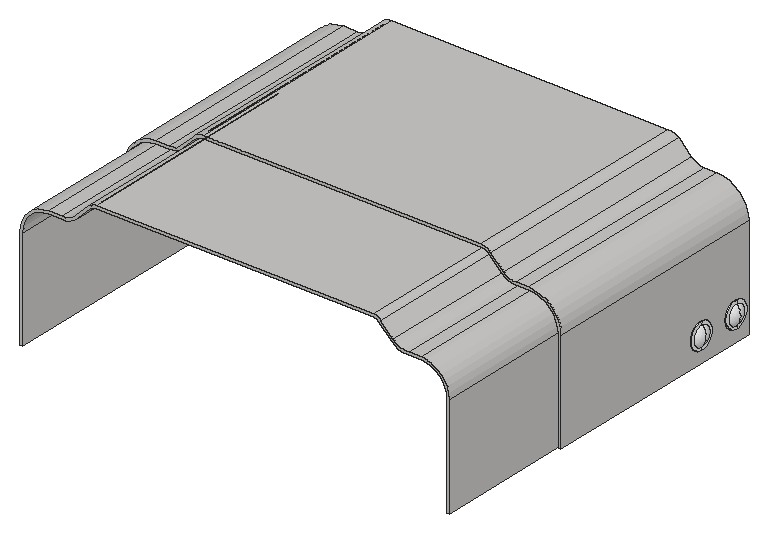
Revit family "PRD_FrankeWS_ShwrEnclsrs_HousingExtension_ACXX2011-2020", category Specialty Equipment, host Face, Revit 2018
Family settings
  Host = Face
  Round Connector Dimension = Use Diameter
  Part Type = Normal
  OmniClass Number = 23.45.05.14.17.11
  OmniClass Title = Shower Compartments
  Cut with Voids When Loaded = No
  Shared = No
  Room Calculation Point = No
Parameters (values of type "ACXX2011 (110-170 mm)")
  WarrantyStartDate [instance] = "1900-12-31T23:59:59"
  WarrantyGuarantorParts = "n/a"
  WarrantyGuarantorLabor = "n/a"
  WarrantyDurationUnit = "year"
  WarrantyDurationParts = "n/a"
  WarrantyDurationLabor = "n/a"
  WarrantyDescription = "n/a"
  Version = "1"
  TypeOfMounting = "Wall mounting"
  TypeOfExtension = "F5-VA"
  TailorMade = "No"
  Style = "n/a"
  PartHeight = 108.00 mm
  Uniclass2015Version = "Products v1.17"
  Uniclass2015Title = "Shower enclosures"
  Uniclass2015Code = "Pr_40_20_06_79"
  URL = "www.kwc.com"
  TagNumber [instance] = "n/a"
  SustainabilityPerformance = "n/a"
  Size = "200 x 110-170 x 70 (W x H x D)"
  Shape = "n/a"
  SerialNumber [instance] = "n/a"
  Revision = "n/a"
  ReplacementCost = "n/a"
  ProductInformation = "https://pim.kwc.com/product/2030057066/attachment/datasheet?locale=en"
  OverallHeightMin = 110.00 mm
  OverallHeightMax = 170.00 mm
  OverallHeightDimension [instance] = if(or(OverallHeight < OverallHeightMin, OverallHeight > OverallHeightMax), 0.00 mm, OverallHeight)  # 170.00 mm
  OverallHeightCheck [instance] = if(or(OverallHeight < OverallHeightMin, OverallHeight > OverallHeightMax), "Caution! Overall height value is wrong for chosen product.", "ok")  # "ok"
  OverallHeight [instance] = 170.00 mm
  NominalWidth = 200.00 mm
  NominalHeight = 170.00 mm
  NominalDepth = 70.00 mm
  NetWeight = 0.63 kg
  Name = "Housing Extension ACXX2011"
  NBSTypeID = "n/a"
  NBSReference = "45-35-70/332"
  NBSOfficeMasterTag = "n/a"
  NBSNote = "n/a"
  NBSDescription = "Shower enclosures"
  NBSCertification = "n/a"
  ModelReference = "ACXX2011"
  ModelNumber = "2030057066"
  Model = ModelReference  # "ACXX2011"
  Material = "stainless steel"
  ManufacturerURL = "www.kwc.com"
  ManufacturerName = "KWC Group AG"  # constant formula
  Manufacturer = ManufacturerName  # "KWC Group AG"
  MainColor = "stainless steel"
  IsBuiltIn = "TRUE"
  IntegralAccessories = "incl. mounting materials"
  InstallationDate [instance] = "1900-12-31T23:59:59"
  IfcExportType = "USERDEFINED"
  IfcExportAs = "IfcFurnitureType"
  GrossWeight = 0.70 kg
  Grade = "n/a"
  FittingMaterial = PRD_AR_ChromatedBrass_HighPolished
  Finish = "satin finished"
  Features = "stainless steel, height-adjustable"
  ExpectedLife = "n/a"
  DurationUnit = "year"
  Description = "Housing extension made of stainless steel, height-adjustable, for F5 shower panels made of stainless steel, to cover wall-mounted pipe installations, includes mounting materials."
  Default Elevation = 1500.00 mm
  CreatedOn = "09/2020"  # constant formula
  Constituents = "n/a"
  Color = "n/a"
  CodePerformance = "n/a"
  Category = "Pr_40_20_06_79, Shower enclosures"
  CasingMaterial = PRD_AR_StainlessSteel_SatinFinished
  BarCode [instance] = "n/a"
  BIMObjectName = "PRD_AR_ShowerEnclosures_HousingExtension_ACXX2011"
  Author = "Archispace"  # constant formula
  AssetType = "Fixed"
  AssetIdentifier [instance] = "n/a"
  AccessibilityPerformance = "n/a"
Types (10, lengths in mm): name | TypeOfExtension | PartHeight | Size | ProductInformation | OverallHeightMin | OverallHeightMax | OverallHeightDimension | OverallHeight | NominalHeight | NetWeight | Name | ModelReference | ModelNumber | Model | MainColor | GrossWeight | Finish | Features | Description | Color | CasingMaterial | BIMObjectName
  ACXX2011 (110-170 mm) | "F5-VA" | 108.00 | "200 x 110-170 x 70 (W x H x D)" | "https://pim.kwc.com/product/2030057066/attachment/datasheet?locale=en" | 110.00 | 170.00 | 170.00 | 170.00 | 170.00 | 0.63 kg | "Housing Extension ACXX2011" | "ACXX2011" | "2030057066" | "ACXX2011" | "stainless steel" | 0.70 kg | "satin finished" | "stainless steel, height-adjustable" | "Housing extension made of stainless steel, height-adjustable, for F5 shower panels made of stainless steel, to cover wall-mounted pipe installations, includes mounting materials." | "n/a" | PRD_AR_StainlessSteel_SatinFinished | "PRD_AR_ShowerEnclosures_HousingExtension_ACXX2011"
  ACXX2012 (160-250 mm) | "F5-VA" | 158.00 | "200 x 160-250 x 70 (W x H x D)" | "https://pim.kwc.com/product/2030057067/attachment/datasheet?locale=en" | 160.00 | 250.00 | 250.00 | 250.00 | 250.00 | 0.63 kg | "Housing Extension ACXX2012" | "ACXX2012" | "2030057067" | "ACXX2012" | "stainless steel" | 0.70 kg | "satin finished" | "stainless steel, height-adjustable" | "Housing extension made of stainless steel, height-adjustable, for F5 shower panels made of stainless steel, to cover wall-mounted pipe installations, includes mounting materials." | "n/a" | PRD_AR_StainlessSteel_SatinFinished | "PRD_AR_ShowerEnclosures_HousingExtension_ACXX2012"
  ACXX2013 (240-410 mm) | "F5-VA" | 238.00 | "200 x 240-410 x 70 (W x H x D)" | "https://pim.kwc.com/product/2030057068/attachment/datasheet?locale=en" | 240.00 | 410.00 | 410.00 | 410.00 | 410.00 | 0.63 kg | "Housing Extension ACXX2013" | "ACXX2013" | "2030057068" | "ACXX2013" | "stainless steel" | 0.70 kg | "satin finished" | "stainless steel, height-adjustable" | "Housing extension made of stainless steel, height-adjustable, for F5 shower panels made of stainless steel, to cover wall-mounted pipe installations, includes mounting materials." | "n/a" | PRD_AR_StainlessSteel_SatinFinished | "PRD_AR_ShowerEnclosures_HousingExtension_ACXX2013"
  ACXX2014 (400-660 mm) | "F5-VA" | 398.00 | "200 x 400-660 x 70 (W x H x D)" | "https://pim.kwc.com/product/2030057069/attachment/datasheet?locale=en" | 400.00 | 660.00 | 660.00 | 660.00 | 660.00 | 0.60 kg | "Housing Extension ACXX2014" | "ACXX2014" | "2030057069" | "ACXX2014" | "stainless steel" | 0.78 kg | "satin finished" | "stainless steel, height-adjustable" | "Housing extension made of stainless steel, height-adjustable, for F5 shower panels made of stainless steel, to cover wall-mounted pipe installations, includes mounting materials." | "n/a" | PRD_AR_StainlessSteel_SatinFinished | "PRD_AR_ShowerEnclosures_HousingExtension_ACXX2014"
  ACXX2015 (650-960 mm) | "F5-VA" | 648.00 | "200 x 650-960 x 70 (W x H x D)" | "https://pim.kwc.com/product/2030057070/attachment/datasheet?locale=en" | 650.00 | 960.00 | 960.00 | 960.00 | 960.00 | 1.45 kg | "Housing Extension ACXX2015" | "ACXX2015" | "2030057070" | "ACXX2015" | "stainless steel" | 1.70 kg | "satin finished" | "stainless steel, height-adjustable" | "Housing extension made of stainless steel, height-adjustable, for F5 shower panels made of stainless steel, to cover wall-mounted pipe installations, includes mounting materials." | "n/a" | PRD_AR_StainlessSteel_SatinFinished | "PRD_AR_ShowerEnclosures_HousingExtension_ACXX2015"
  ACXX2016 (110-170 mm) | "F5-MI" | 108.00 | "200 x 110-170 x 70 (W x H x D)" | "https://pim.kwc.com/product/2030057071/attachment/datasheet?locale=en" | 110.00 | 170.00 | 170.00 | 170.00 | 170.00 | 0.63 kg | "Housing Extension ACXX2016" | "ACXX2016" | "2030057071" | "ACXX2016" | "alpine white" | 0.70 kg | "powder coated" | "stainless steel, powder-coated, height-adjustable" | "Housing extension made of stainless steel, powder-coated Alpine white colour, height-adjustable, for F5 shower panels made of MIRANIT mineral material, to cover wall-mounted pipe installations, includes mounting material." | "apline white" | PRD_AR_StainlessSteel_AlpineWhite | "PRD_AR_ShowerEnclosures_HousingExtension_ACXX2016"
  ACXX2017 (160-250 mm) | "F5-MI" | 158.00 | "200 x 160-250 x 70 (W x H x D)" | "https://pim.kwc.com/product/2030057072/attachment/datasheet?locale=en" | 160.00 | 250.00 | 250.00 | 250.00 | 250.00 | 0.63 kg | "Housing Extension ACXX2017" | "ACXX2017" | "2030057072" | "ACXX2017" | "alpine white" | 0.70 kg | "powder coated" | "stainless steel, powder-coated, height-adjustable" | "Housing extension made of stainless steel, powder-coated Alpine white colour, height-adjustable, for F5 shower panels made of MIRANIT mineral material, to cover wall-mounted pipe installations, includes mounting material." | "apline white" | PRD_AR_StainlessSteel_AlpineWhite | "PRD_AR_ShowerEnclosures_HousingExtension_ACXX2017"
  ACXX2018 (240-410 mm) | "F5-MI" | 238.00 | "200 x 240-410 x 70 (W x H x D)" | "https://pim.kwc.com/product/2030057073/attachment/datasheet?locale=en" | 240.00 | 410.00 | 410.00 | 410.00 | 410.00 | 0.63 kg | "Housing Extension ACXX2018" | "ACXX2018" | "2030057073" | "ACXX2018" | "alpine white" | 0.70 kg | "powder coated" | "stainless steel, powder-coated, height-adjustable" | "Housing extension made of stainless steel, powder-coated Alpine white colour, height-adjustable, for F5 shower panels made of MIRANIT mineral material, to cover wall-mounted pipe installations, includes mounting material." | "apline white" | PRD_AR_StainlessSteel_AlpineWhite | "PRD_AR_ShowerEnclosures_HousingExtension_ACXX2018"
  ACXX2019 (400-660 mm) | "F5-MI" | 398.00 | "200 x 400-660 x 70 (W x H x D)" | "https://pim.kwc.com/product/2030057075/attachment/datasheet?locale=en" | 400.00 | 660.00 | 660.00 | 660.00 | 660.00 | 0.60 kg | "Housing Extension ACXX2019" | "ACXX2019" | "2030057075" | "ACXX2019" | "alpine white" | 0.78 kg | "powder coated" | "stainless steel, powder-coated, height-adjustable" | "Housing extension made of stainless steel, powder-coated Alpine white colour, height-adjustable, for F5 shower panels made of MIRANIT mineral material, to cover wall-mounted pipe installations, includes mounting material." | "apline white" | PRD_AR_StainlessSteel_AlpineWhite | "PRD_AR_ShowerEnclosures_HousingExtension_ACXX2019"
  ACXX2020 (650-960 mm) | "F5-MI" | 648.00 | "200 x 650-960 x 70 (W x H x D)" | "https://pim.kwc.com/product/2030057076/attachment/datasheet?locale=en" | 650.00 | 960.00 | 960.00 | 960.00 | 960.00 | 1.45 kg | "Housing Extension ACXX2020" | "ACXX2020" | "2030057076" | "ACXX2020" | "alpine white" | 1.70 kg | "powder coated" | "stainless steel, powder-coated, height-adjustable" | "Housing extension made of stainless steel, powder-coated Alpine white colour, height-adjustable, for F5 shower panels made of MIRANIT mineral material, to cover wall-mounted pipe installations, includes mounting material." | "apline white" | PRD_AR_StainlessSteel_AlpineWhite | "PRD_AR_ShowerEnclosures_HousingExtension_ACXX2020"
Reference planes
  plane 1 "Center (Front/Back)": y = 0
  plane 2: z = 0
  plane 3 "Center (Left/Right)": x = 0
  plane 4: y = -62
  plane 5: y = -108
  plane 6: y = -170
  plane 7: y = -18
Forms (mm)
  Sweep 1, solid, material "PRD_AR_StainlessSteel_SatinFinished" <- "CasingMaterial", detail levels fine
    path origin (0, 0, 0) x (1, 0, 0) y (0, 1, 0)
      loop
        line (0, -62) -> (0, -170)
    profile origin (0, -116, 0) x (1, 0, 0) y (0, 0, 1)
      loop
        line (-99, 0) -> (-97.8, 0) -> (-97.8, 47)
        arc (-97.8, 47) -> (-94.344, 55.344) -> (-86, 58.8) r 11.8
        line (-86, 58.8) -> (-80, 58.8)
        arc (-80, 58.8) -> (-75.714, 59.653) -> (-72.08, 62.08) r 11.2
        line (-72.08, 62.08) -> (-66.474, 67.687)
        arc (-66.474, 67.687) -> (-65.241, 68.511) -> (-63.787, 68.8) r 3.8
        line (-63.787, 68.8) -> (63.787, 68.8)
        arc (63.787, 68.8) -> (65.241, 68.511) -> (66.474, 67.687) r 3.8
        line (66.474, 67.687) -> (72.08, 62.08)
        arc (72.08, 62.08) -> (75.714, 59.653) -> (80, 58.8) r 11.2
        line (80, 58.8) -> (86, 58.8)
        arc (86, 58.8) -> (94.344, 55.344) -> (97.8, 47) r 11.8
        line (97.8, 47) -> (97.8, 0) -> (99, 0) -> (99, 47)
        arc (99, 47) -> (95.192, 56.192) -> (86, 60) r 13
        line (86, 60) -> (80, 60)
        arc (80, 60) -> (76.173, 60.761) -> (72.929, 62.929) r 10
        line (72.929, 62.929) -> (67.322, 68.536)
        arc (67.322, 68.536) -> (65.7, 69.619) -> (63.787, 70) r 5
        line (63.787, 70) -> (-63.787, 70)
        arc (-63.787, 70) -> (-65.7, 69.619) -> (-67.322, 68.536) r 5
        line (-67.322, 68.536) -> (-72.929, 62.929)
        arc (-72.929, 62.929) -> (-76.173, 60.761) -> (-80, 60) r 10
        line (-80, 60) -> (-86, 60)
        arc (-86, 60) -> (-95.192, 56.192) -> (-99, 47) r 13
        line (-99, 47) -> (-99, 0)
  Sweep 2, solid, material "PRD_AR_StainlessSteel_SatinFinished" <- "CasingMaterial", detail levels fine
    path origin (0, -340, 0) x (1, 0, 0) y (0, 1, 0)
      loop
        line (0, 340) -> (0, 232)
    profile origin (0, -54, 0) x (1, 0, 0) y (0, 0, 1)
      loop
        line (-100.7, 47) -> (-100.7, 0) -> (-99.5, 0) -> (-99.5, 47)
        arc (-99.5, 47) -> (-95.546, 56.546) -> (-86, 60.5) r 13.5
        line (-86, 60.5) -> (-80, 60.5)
        arc (-80, 60.5) -> (-76.365, 61.223) -> (-73.282, 63.282) r 9.5
        line (-73.282, 63.282) -> (-67.676, 68.889)
        arc (-67.676, 68.889) -> (-65.892, 70.081) -> (-63.787, 70.5) r 5.5
        line (-63.787, 70.5) -> (63.787, 70.5)
        arc (63.787, 70.5) -> (65.892, 70.081) -> (67.676, 68.889) r 5.5
        line (67.676, 68.889) -> (73.282, 63.282)
        arc (73.282, 63.282) -> (76.365, 61.223) -> (80, 60.5) r 9.5
        line (80, 60.5) -> (86, 60.5)
        arc (86, 60.5) -> (95.546, 56.546) -> (99.5, 47) r 13.5
        line (99.5, 47) -> (99.5, 0) -> (100.7, 0) -> (100.7, 47)
        arc (100.7, 47) -> (96.394, 57.394) -> (86, 61.7) r 14.7
        line (86, 61.7) -> (80, 61.7)
        arc (80, 61.7) -> (76.824, 62.332) -> (74.131, 64.131) r 8.3
        line (74.131, 64.131) -> (68.524, 69.738)
        arc (68.524, 69.738) -> (66.351, 71.19) -> (63.787, 71.7) r 6.7
        line (63.787, 71.7) -> (-63.787, 71.7)
        arc (-63.787, 71.7) -> (-66.351, 71.19) -> (-68.524, 69.738) r 6.7
        line (-68.524, 69.738) -> (-74.131, 64.131)
        arc (-74.131, 64.131) -> (-76.824, 62.332) -> (-80, 61.7) r 8.3
        line (-80, 61.7) -> (-86, 61.7)
        arc (-86, 61.7) -> (-96.394, 57.394) -> (-100.7, 47) r 14.7
  Sweep 3, solid, material "PRD_AR_StainlessSteel_SatinFinished" <- "CasingMaterial", detail levels fine
    path origin (0, -280, 0) x (1, 0, 0) y (0, 1, 0)
      loop
        line (0, 280) -> (0, 244)
    profile origin (0, -18, 0) x (1, 0, 0) y (0, 0, 1)
      loop
        line (-97, 25) -> (-98.5, 25) -> (-98.5, 3)
        arc (-98.5, 3) -> (-97.621, 0.879) -> (-95.5, 0) r 3
        line (-95.5, 0) -> (95.5, 0)
        arc (95.5, 0) -> (97.621, 0.879) -> (98.5, 3) r 3
        line (98.5, 3) -> (98.5, 25) -> (97, 25) -> (97, 3)
        arc (97, 3) -> (96.561, 1.939) -> (95.5, 1.5) r 1.5
        line (95.5, 1.5) -> (-95.5, 1.5)
        arc (-95.5, 1.5) -> (-96.561, 1.939) -> (-97, 3) r 1.5
        line (-97, 3) -> (-97, 25)
  Revolve 4, solid, material "PRD_AR_ChromatedBrass_HighPolished" <- "FittingMaterial", detail levels fine
    sketch origin (-97, -8, 1219.2) x (-1, 0, 0) y (0, 0, 1)
      loop
        line (3.7, -1209.7) -> (3.7, -1213.1) -> (4.6, -1213.1) -> (4.6, -1211.7)
        arc (4.6, -1211.7) -> (5.969, -1209.633) -> (6.45, -1207.2) r 6.398
        line (6.45, -1207.2) -> (-6.3, -1207.2) -> (-6.3, -1209.003) -> (-5.603, -1209.7) -> (-2, -1209.7) -> (-2, -1211.55) -> (0, -1211.55) -> (0, -1209.7) -> (3.7, -1209.7)
      axis (-6.3, -1207.2) -> (6.45, -1207.2)
    angle from 0 to 360
  Revolve 5, solid, material "PRD_AR_ChromatedBrass_HighPolished" <- "FittingMaterial", detail levels fine
    sketch origin (-97, -28, 1219.2) x (-1, 0, 0) y (0, 0, 1)
      loop
        line (3.7, -1209.7) -> (3.7, -1213.1) -> (4.6, -1213.1) -> (4.6, -1211.7)
        arc (4.6, -1211.7) -> (5.969, -1209.633) -> (6.45, -1207.2) r 6.398
        line (6.45, -1207.2) -> (-6.3, -1207.2) -> (-6.3, -1209.003) -> (-5.603, -1209.7) -> (-2, -1209.7) -> (-2, -1211.55) -> (0, -1211.55) -> (0, -1209.7) -> (3.7, -1209.7)
      axis (-6.3, -1207.2) -> (6.45, -1207.2)
    angle from 0 to 360
  Revolve 6, solid, material "PRD_AR_ChromatedBrass_HighPolished" <- "FittingMaterial", detail levels fine
    sketch origin (97, -8, 1219.2) x (1, 0, 0) y (0, 0, -1)
      loop
        line (3.7, 1209.7) -> (0, 1209.7) -> (0, 1211.55) -> (-2, 1211.55) -> (-2, 1209.7) -> (-5.603, 1209.7) -> (-6.3, 1209.003) -> (-6.3, 1207.2) -> (6.45, 1207.2)
        arc (6.45, 1207.2) -> (5.969, 1209.633) -> (4.6, 1211.7) r 6.398
        line (4.6, 1211.7) -> (4.6, 1213.1) -> (3.7, 1213.1) -> (3.7, 1209.7)
      axis (-6.3, 1207.2) -> (6.45, 1207.2)
    angle from 0 to 360
  Revolve 7, solid, material "PRD_AR_ChromatedBrass_HighPolished" <- "FittingMaterial", detail levels fine
    sketch origin (97, -28, 1219.2) x (1, 0, 0) y (0, 0, -1)
      loop
        line (3.7, 1209.7) -> (0, 1209.7) -> (0, 1211.55) -> (-2, 1211.55) -> (-2, 1209.7) -> (-5.603, 1209.7) -> (-6.3, 1209.003) -> (-6.3, 1207.2) -> (6.45, 1207.2)
        arc (6.45, 1207.2) -> (5.969, 1209.633) -> (4.6, 1211.7) r 6.398
        line (4.6, 1211.7) -> (4.6, 1213.1) -> (3.7, 1213.1) -> (3.7, 1209.7)
      axis (-6.3, 1207.2) -> (6.45, 1207.2)
    angle from 0 to 360
  Revolve 8, solid, material "PRD_AR_ChromatedBrass_HighPolished" <- "FittingMaterial", detail levels fine
    sketch origin (-97, -18, 1219.2) x (-1, 0, 0) y (0, 0, 1)
      loop
        line (-17, -1213.7) -> (-17, -1217.7) -> (-11.5, -1217.7) -> (-11.746, -1214.893)
        arc (-11.746, -1214.893) -> (-12.851, -1214.214) -> (-14.042, -1213.7) r 9
        line (-14.042, -1213.7) -> (-17, -1213.7)
      axis (-17, -1213.7) -> (-17, -1217.7)
    angle from 0 to 360
  Revolve 9, solid, material "PRD_AR_ChromatedBrass_HighPolished" <- "FittingMaterial", detail levels fine
    sketch origin (97, -18, 1219.2) x (1, 0, 0) y (0, 0, -1)
      loop
        line (-17, 1213.7) -> (-14.042, 1213.7)
        arc (-14.042, 1213.7) -> (-12.851, 1214.214) -> (-11.746, 1214.893) r 9
        line (-11.746, 1214.893) -> (-11.5, 1217.7) -> (-17, 1217.7) -> (-17, 1213.7)
      axis (-17, 1213.7) -> (-17, 1217.7)
    angle from 0 to 360
  Revolve 10, solid, material "PRD_AR_ChromatedBrass_HighPolished" <- "FittingMaterial", detail levels medium
    sketch origin (-97, -18, 1219.2) x (-1, 0, 0) y (0, 0, 1)
      loop
        line (-17, -1213.7) -> (-17, -1217.7) -> (-11.5, -1217.7) -> (-11.5, -1213.7) -> (-17, -1213.7)
      axis (-17, -1213.7) -> (-17, -1217.7)
    angle from 0 to 360
  Revolve 11, solid, material "PRD_AR_ChromatedBrass_HighPolished" <- "FittingMaterial", detail levels medium
    sketch origin (97, -18, 1219.2) x (1, 0, 0) y (0, 0, -1)
      loop
        line (-17, 1213.7) -> (-11.5, 1213.7) -> (-11.5, 1217.7) -> (-17, 1217.7) -> (-17, 1213.7)
      axis (-17, 1213.7) -> (-17, 1217.7)
    angle from 0 to 360
  Revolve 12, solid, material "PRD_AR_ChromatedBrass_HighPolished" <- "FittingMaterial", detail levels medium
    sketch origin (-97, -8, 1219.2) x (-1, 0, 0) y (0, 0, 1)
      loop
        line (-6.3, -1213.1) -> (6.45, -1213.1) -> (6.45, -1207.2) -> (-6.3, -1207.2) -> (-6.3, -1213.1)
      axis (-6.3, -1207.2) -> (6.45, -1207.2)
    angle from 0 to 360
  Revolve 13, solid, material "PRD_AR_ChromatedBrass_HighPolished" <- "FittingMaterial", detail levels medium
    sketch origin (-97, -28, 1219.2) x (-1, 0, 0) y (0, 0, 1)
      loop
        line (-6.3, -1213.1) -> (6.45, -1213.1) -> (6.45, -1207.2) -> (-6.3, -1207.2) -> (-6.3, -1213.1)
      axis (-6.3, -1207.2) -> (6.45, -1207.2)
    angle from 0 to 360
  Revolve 14, solid, material "PRD_AR_ChromatedBrass_HighPolished" <- "FittingMaterial", detail levels medium
    sketch origin (97, -8, 1219.2) x (1, 0, 0) y (0, 0, -1)
      loop
        line (-6.3, 1213.1) -> (-6.3, 1207.2) -> (6.45, 1207.2) -> (6.45, 1213.1) -> (-6.3, 1213.1)
      axis (-6.3, 1207.2) -> (6.45, 1207.2)
    angle from 0 to 360
  Revolve 15, solid, material "PRD_AR_ChromatedBrass_HighPolished" <- "FittingMaterial", detail levels medium
    sketch origin (97, -28, 1219.2) x (1, 0, 0) y (0, 0, -1)
      loop
        line (-6.3, 1213.1) -> (-6.3, 1207.2) -> (6.45, 1207.2) -> (6.45, 1213.1) -> (-6.3, 1213.1)
      axis (-6.3, 1207.2) -> (6.45, 1207.2)
    angle from 0 to 360
  Sweep 16, solid, material "PRD_AR_StainlessSteel_SatinFinished" <- "CasingMaterial", detail levels medium
    path origin (0, -280, 0) x (1, 0, 0) y (0, 1, 0)
      loop
        line (0, 280) -> (0, 244)
    profile origin (0, -18, 0) x (1, 0, 0) y (0, 0, 1)
      loop
        line (-97, 25) -> (-98.5, 25) -> (-98.5, 0) -> (98.5, 0) -> (98.5, 25) -> (97, 25) -> (97, 1.5) -> (-97, 1.5) -> (-97, 25)
  Sweep 17, solid, material "PRD_AR_StainlessSteel_SatinFinished" <- "CasingMaterial", detail levels medium
    path origin (0, 0, 0) x (1, 0, 0) y (0, 1, 0)
      loop
        line (0, -62) -> (0, -170)
    profile origin (0, -116, 0) x (1, 0, 0) y (0, 0, 1)
      loop
        line (-99, 0) -> (-97.8, 0) -> (-97.8, 58.8) -> (-75.361, 58.8) -> (-65.361, 68.8) -> (65.361, 68.8) -> (75.361, 58.8) -> (97.8, 58.8) -> (97.8, 0) -> (99, 0) -> (99, 60) -> (75.858, 60) -> (65.858, 70) -> (-65.858, 70) -> (-75.858, 60) -> (-99, 60) -> (-99, 0)
  Sweep 18, solid, material "PRD_AR_StainlessSteel_SatinFinished" <- "CasingMaterial", detail levels medium
    path origin (0, -340, 0) x (1, 0, 0) y (0, 1, 0)
      loop
        line (0, 340) -> (0, 232)
    profile origin (0, -54, 0) x (1, 0, 0) y (0, 0, 1)
      loop
        line (-100.7, 0) -> (-99.5, 0) -> (-99.5, 60.5) -> (-76.065, 60.5) -> (-66.065, 70.5) -> (66.065, 70.5) -> (76.065, 60.5) -> (99.5, 60.5) -> (99.5, 0) -> (100.7, 0) -> (100.7, 61.7) -> (76.562, 61.7) -> (66.562, 71.7) -> (-66.562, 71.7) -> (-76.562, 61.7) -> (-100.7, 61.7) -> (-100.7, 0)
  Sweep 19, solid, material "PRD_AR_StainlessSteel_SatinFinished" <- "CasingMaterial", detail levels coarse
    path origin (0, 0, 0) x (1, 0, 0) y (0, 1, 0)
      loop
        line (0, 0) -> (0, -170)
    profile origin (0, -85, 0) x (1, 0, 0) y (0, 0, 1)
      loop
        line (-100.7, 0) -> (100.7, 0) -> (100.7, 71.7) -> (-100.7, 71.7) -> (-100.7, 0)
Dimensions and locks
  locked: Sweep 3 sketch curve to plane 1 "Center (Front/Back)" at 36
  "PartHeight": plane 5 to plane 1 "Center (Front/Back)"
  "PartHeight": plane 4 to plane 6
  "OverallHeightDimension": plane 6 to plane 1 "Center (Front/Back)"
  aligned and locked: plane 2 to host face
  aligned and locked: level to host face
  aligned and locked: plane 5 to Sweep 2 sketch curve
  aligned and locked: plane 4 to Sweep 1 sketch curve
  aligned and locked: plane 6 to Sweep 1 sketch curve
  aligned and locked: plane 6 to Sweep 17 sketch curve
  aligned and locked: plane 4 to Sweep 17 sketch curve
  aligned and locked: plane 1 "Center (Front/Back)" to Sweep 18 sketch curve
  aligned and locked: plane 5 to Sweep 18 sketch curve
  aligned and locked: Sweep 19 sketch curve to plane 3 "Center (Left/Right)"
  aligned and locked: plane 1 "Center (Front/Back)" to Sweep 19 sketch curve
  aligned and locked: plane 6 to Sweep 19 sketch curve
Automatic sketch dimensions
  host sketch curve to host sketch curve = 685.395 mm
  host sketch curve to host sketch curve = 1310.281 mm
  Sweep 1 sketch curve to plane 3 "Center (Left/Right)" = 0.00 mm
  Sweep 1 sketch curve to Sweep 1 sketch curve = 0.00 mm  (x12)
  Sweep 1 sketch curve to level = 0.00 mm  (x2)
  level to Sweep 1 sketch curve = 47.00 mm  (x2)
  profile plane to Sweep 1 sketch curve = 99.00 mm
  Sweep 1 sketch curve to Sweep 1 sketch curve = 1.20 mm  (x2)
  Sweep 1 sketch curve to Sweep 1 sketch curve = 11.80 mm  (x2)
  Sweep 1 sketch curve to Sweep 1 sketch curve = 6.00 mm  (x2)
  level to Sweep 1 sketch curve = 62.929 mm
  Sweep 1 sketch curve to Sweep 1 sketch curve = 7.071 mm  (x2)
  level to Sweep 1 sketch curve = 62.08 mm
  Sweep 1 sketch curve to Sweep 1 sketch curve = 5.607 mm  (x2)
  Sweep 1 sketch curve to Sweep 1 sketch curve = 0.849 mm  (x4)
  Sweep 1 sketch curve to Sweep 1 sketch curve = 2.687 mm  (x3)
  Sweep 1 sketch curve to profile plane = 63.787 mm
  Sweep 1 sketch curve to Sweep 1 sketch curve = 2.08 mm
  Sweep 1 sketch curve to Sweep 1 sketch curve = 2.92 mm  (x2)
  Sweep 2 sketch curve to plane 3 "Center (Left/Right)" = 0.00 mm
  plane 1 "Center (Front/Back)" to Sweep 2 sketch curve = 0.00 mm
  Sweep 2 sketch curve to Sweep 2 sketch curve = 0.00 mm  (x12)
  Sweep 2 sketch curve to level = 0.00 mm  (x2)
  level to Sweep 2 sketch curve = 47.00 mm  (x2)
  profile plane to Sweep 2 sketch curve = 100.70 mm
  Sweep 2 sketch curve to Sweep 2 sketch curve = 1.20 mm  (x2)
  Sweep 2 sketch curve to Sweep 2 sketch curve = 13.50 mm  (x2)
  Sweep 2 sketch curve to Sweep 2 sketch curve = 6.00 mm  (x2)
  level to Sweep 2 sketch curve = 64.131 mm
  Sweep 2 sketch curve to Sweep 2 sketch curve = 5.869 mm  (x2)
  level to Sweep 2 sketch curve = 63.282 mm
  Sweep 2 sketch curve to Sweep 2 sketch curve = 5.607 mm  (x2)
  Sweep 2 sketch curve to Sweep 2 sketch curve = 0.849 mm  (x4)
  Sweep 2 sketch curve to Sweep 2 sketch curve = 3.889 mm  (x3)
  Sweep 2 sketch curve to profile plane = 63.787 mm
  Sweep 2 sketch curve to Sweep 2 sketch curve = 1.582 mm
  Sweep 2 sketch curve to Sweep 2 sketch curve = 1.718 mm  (x2)
  Sweep 3 sketch curve to plane 3 "Center (Left/Right)" = 0.00 mm
  plane 1 "Center (Front/Back)" to Sweep 3 sketch curve = 0.00 mm
  Sweep 3 sketch curve to Sweep 3 sketch curve = 0.00 mm  (x4)
  Sweep 3 sketch curve to level = 0.00 mm
  level to Sweep 3 sketch curve = 25.00 mm
  profile plane to Sweep 3 sketch curve = 98.50 mm
  Sweep 3 sketch curve to Sweep 3 sketch curve = 1.50 mm  (x3)
  Sweep 3 sketch curve to profile plane = 95.50 mm
  Sweep 3 sketch curve to Sweep 3 sketch curve = 22.00 mm
  level to Revolve 4 sketch curve = 10.197 mm
  Revolve 4 sketch curve to plane 3 "Center (Left/Right)" = 90.70 mm
  level to Revolve 4 sketch curve = 9.50 mm
  Revolve 4 sketch curve to Revolve 4 sketch curve = 0.697 mm
  Revolve 4 sketch curve to Revolve 4 sketch curve = 3.603 mm
  Revolve 4 sketch curve to Revolve 4 sketch curve = 2.00 mm  (x2)
  Revolve 4 sketch curve to Revolve 4 sketch curve = 0.052 mm
  Revolve 4 sketch curve to Revolve 4 sketch curve = 3.70 mm
  Revolve 4 sketch curve to Revolve 4 sketch curve = 0.90 mm
  Revolve 4 sketch curve to Revolve 4 sketch curve = 2.75 mm
  Revolve 4 sketch curve to Revolve 4 sketch curve = 0.00 mm  (x3)
  Revolve 4 sketch curve to Revolve 4 sketch curve = 1.85 mm
  Revolve 4 sketch curve to Revolve 4 sketch curve = 1.40 mm
  Revolve 4 sketch curve to Revolve 4 sketch curve = 3.826 mm
  level to Revolve 5 sketch curve = 10.197 mm
  Revolve 5 sketch curve to plane 3 "Center (Left/Right)" = 90.70 mm
  level to Revolve 5 sketch curve = 9.50 mm
  Revolve 5 sketch curve to Revolve 5 sketch curve = 0.697 mm
  Revolve 5 sketch curve to Revolve 5 sketch curve = 3.603 mm
  Revolve 5 sketch curve to Revolve 5 sketch curve = 2.00 mm  (x2)
  Revolve 5 sketch curve to Revolve 5 sketch curve = 0.052 mm
  Revolve 5 sketch curve to Revolve 5 sketch curve = 3.70 mm
  Revolve 5 sketch curve to Revolve 5 sketch curve = 0.90 mm
  Revolve 5 sketch curve to Revolve 5 sketch curve = 2.75 mm
  Revolve 5 sketch curve to Revolve 5 sketch curve = 0.00 mm  (x3)
  Revolve 5 sketch curve to Revolve 5 sketch curve = 1.85 mm
  Revolve 5 sketch curve to Revolve 5 sketch curve = 1.40 mm
  Revolve 5 sketch curve to Revolve 5 sketch curve = 3.826 mm
  level to Revolve 6 sketch curve = 10.197 mm
  plane 3 "Center (Left/Right)" to Revolve 6 sketch curve = 90.70 mm
  level to Revolve 6 sketch curve = 9.50 mm
  Revolve 6 sketch curve to Revolve 6 sketch curve = 0.697 mm
  Revolve 6 sketch curve to Revolve 6 sketch curve = 3.603 mm
  Revolve 6 sketch curve to Revolve 6 sketch curve = 2.00 mm
  Revolve 6 sketch curve to Revolve 6 sketch curve = 0.052 mm
  Revolve 6 sketch curve to Revolve 6 sketch curve = 3.70 mm
  Revolve 6 sketch curve to Revolve 6 sketch curve = 0.90 mm
  Revolve 6 sketch curve to Revolve 6 sketch curve = 2.75 mm
  Revolve 6 sketch curve to Revolve 6 sketch curve = 2.50 mm
  Revolve 6 sketch curve to Revolve 6 sketch curve = 0.00 mm  (x3)
  Revolve 6 sketch curve to Revolve 6 sketch curve = 1.85 mm
  Revolve 6 sketch curve to Revolve 6 sketch curve = 1.40 mm
  Revolve 6 sketch curve to Revolve 6 sketch curve = 3.826 mm
  level to Revolve 7 sketch curve = 10.197 mm
  plane 3 "Center (Left/Right)" to Revolve 7 sketch curve = 90.70 mm
  level to Revolve 7 sketch curve = 9.50 mm
  Revolve 7 sketch curve to Revolve 7 sketch curve = 0.697 mm
  Revolve 7 sketch curve to Revolve 7 sketch curve = 3.603 mm
  Revolve 7 sketch curve to Revolve 7 sketch curve = 2.00 mm
  Revolve 7 sketch curve to Revolve 7 sketch curve = 0.052 mm
  Revolve 7 sketch curve to Revolve 7 sketch curve = 3.70 mm
  Revolve 7 sketch curve to Revolve 7 sketch curve = 0.90 mm
  Revolve 7 sketch curve to Revolve 7 sketch curve = 2.75 mm
  Revolve 7 sketch curve to Revolve 7 sketch curve = 2.50 mm
  Revolve 7 sketch curve to Revolve 7 sketch curve = 0.00 mm  (x3)
  Revolve 7 sketch curve to Revolve 7 sketch curve = 1.85 mm
  Revolve 7 sketch curve to Revolve 7 sketch curve = 1.40 mm
  Revolve 7 sketch curve to Revolve 7 sketch curve = 3.826 mm
  level to Revolve 8 sketch curve = 5.50 mm
  Revolve 8 sketch curve to plane 3 "Center (Left/Right)" = 80.00 mm
  Revolve 8 sketch curve to Revolve 8 sketch curve = 0.00 mm  (x3)
  Revolve 8 sketch curve to Revolve 8 sketch curve = 2.958 mm
  level to Revolve 8 sketch curve = 4.307 mm
  Revolve 8 sketch curve to Revolve 8 sketch curve = 2.296 mm
  Revolve 8 sketch curve to Revolve 8 sketch curve = 0.246 mm
  level to Revolve 8 sketch curve = 1.50 mm
  level to Revolve 8 sketch curve = 0.614 mm
  level to Revolve 9 sketch curve = 5.50 mm
  plane 3 "Center (Left/Right)" to Revolve 9 sketch curve = 80.00 mm
  Revolve 9 sketch curve to Revolve 9 sketch curve = 0.00 mm  (x3)
  Revolve 9 sketch curve to Revolve 9 sketch curve = 2.958 mm
  level to Revolve 9 sketch curve = 4.307 mm
  Revolve 9 sketch curve to Revolve 9 sketch curve = 2.296 mm
  Revolve 9 sketch curve to Revolve 9 sketch curve = 0.246 mm
  level to Revolve 9 sketch curve = 1.50 mm
  level to Revolve 9 sketch curve = 0.614 mm
  level to Revolve 10 sketch curve = 5.50 mm
  Revolve 10 sketch curve to plane 3 "Center (Left/Right)" = 80.00 mm
  level to Revolve 10 sketch curve = 1.50 mm
  Revolve 10 sketch curve to Revolve 10 sketch curve = 5.50 mm
  Revolve 10 sketch curve to Revolve 10 sketch curve = 0.00 mm  (x2)
  level to Revolve 10 sketch curve = 0.614 mm
  level to Revolve 11 sketch curve = 5.50 mm
  plane 3 "Center (Left/Right)" to Revolve 11 sketch curve = 80.00 mm
  level to Revolve 11 sketch curve = 1.50 mm
  Revolve 11 sketch curve to Revolve 11 sketch curve = 5.50 mm
  Revolve 11 sketch curve to Revolve 11 sketch curve = 0.00 mm  (x2)
  level to Revolve 11 sketch curve = 0.614 mm
  level to Revolve 12 sketch curve = 6.10 mm
  Revolve 12 sketch curve to plane 3 "Center (Left/Right)" = 90.70 mm
  Revolve 12 sketch curve to Revolve 12 sketch curve = 12.75 mm
  Revolve 12 sketch curve to Revolve 12 sketch curve = 5.90 mm
  Revolve 12 sketch curve to Revolve 12 sketch curve = 0.00 mm  (x2)
  Revolve 12 sketch curve to Revolve 12 sketch curve = 3.826 mm
  level to Revolve 13 sketch curve = 6.10 mm
  Revolve 13 sketch curve to plane 3 "Center (Left/Right)" = 90.70 mm
  Revolve 13 sketch curve to Revolve 13 sketch curve = 12.75 mm
  Revolve 13 sketch curve to Revolve 13 sketch curve = 5.90 mm
  Revolve 13 sketch curve to Revolve 13 sketch curve = 0.00 mm  (x2)
  Revolve 13 sketch curve to Revolve 13 sketch curve = 3.826 mm
  level to Revolve 14 sketch curve = 6.10 mm
  plane 3 "Center (Left/Right)" to Revolve 14 sketch curve = 90.70 mm
  Revolve 14 sketch curve to Revolve 14 sketch curve = 12.75 mm
  Revolve 14 sketch curve to Revolve 14 sketch curve = 5.90 mm
  Revolve 14 sketch curve to Revolve 14 sketch curve = 0.00 mm  (x2)
  Revolve 14 sketch curve to Revolve 14 sketch curve = 3.826 mm
  level to Revolve 15 sketch curve = 6.10 mm
  plane 3 "Center (Left/Right)" to Revolve 15 sketch curve = 90.70 mm
  Revolve 15 sketch curve to Revolve 15 sketch curve = 12.75 mm
  Revolve 15 sketch curve to Revolve 15 sketch curve = 5.90 mm
  Revolve 15 sketch curve to Revolve 15 sketch curve = 0.00 mm  (x2)
  Revolve 15 sketch curve to Revolve 15 sketch curve = 3.826 mm
  Sweep 16 sketch curve to plane 3 "Center (Left/Right)" = 0.00 mm
  plane 1 "Center (Front/Back)" to Sweep 16 sketch curve = 0.00 mm
  Sweep 16 sketch curve to plane 7 = 18.00 mm
  Sweep 16 sketch curve to level = 0.00 mm
  profile plane to Sweep 16 sketch curve = 98.50 mm
  Sweep 16 sketch curve to Sweep 16 sketch curve = 1.50 mm  (x2)
  level to Sweep 16 sketch curve = 25.00 mm
  Sweep 16 sketch curve to profile plane = 97.00 mm
  level to Sweep 16 sketch curve = 1.50 mm
  Sweep 16 sketch curve to Sweep 16 sketch curve = 23.50 mm
  plane 3 "Center (Left/Right)" to Sweep 17 sketch curve = 0.00 mm
  Sweep 17 sketch curve to level = 0.00 mm  (x2)
  profile plane to Sweep 17 sketch curve = 99.00 mm
  Sweep 17 sketch curve to Sweep 17 sketch curve = 1.20 mm  (x5)
  level to Sweep 17 sketch curve = 58.80 mm
  Sweep 17 sketch curve to Sweep 17 sketch curve = 10.00 mm  (x3)
  Sweep 17 sketch curve to profile plane = 65.361 mm
  Sweep 17 sketch curve to Sweep 17 sketch curve = 0.497 mm  (x4)
  plane 3 "Center (Left/Right)" to Sweep 18 sketch curve = 0.00 mm
  Sweep 18 sketch curve to level = 0.00 mm  (x2)
  profile plane to Sweep 18 sketch curve = 100.70 mm
  level to Sweep 18 sketch curve = 60.50 mm  (x2)
  Sweep 18 sketch curve to profile plane = 66.562 mm
  Sweep 18 sketch curve to Sweep 18 sketch curve = 10.00 mm  (x3)
  Sweep 18 sketch curve to Sweep 18 sketch curve = 1.20 mm  (x5)
  Sweep 17 sketch curve to Sweep 17 sketch curve = 22.439 mm
  Sweep 17 sketch curve to Sweep 17 sketch curve = 58.80 mm
  Sweep 17 sketch curve to Sweep 17 sketch curve = 23.142 mm
  Sweep 18 sketch curve to Sweep 18 sketch curve = 0.497 mm  (x4)
  Sweep 18 sketch curve to Sweep 18 sketch curve = 24.138 mm  (x2)
  Sweep 19 sketch curve to level = 0.00 mm
  profile plane to Sweep 19 sketch curve = 100.70 mm
  Sweep 19 sketch curve to profile plane = 100.70 mm
  Sweep 19 sketch curve to Sweep 19 sketch curve = 71.70 mm
